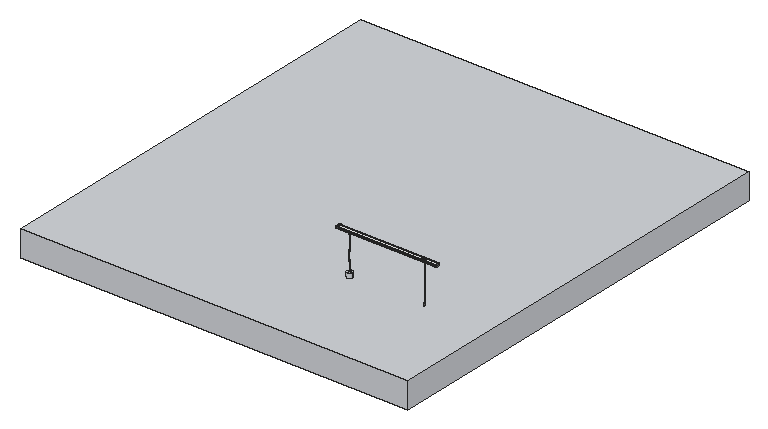
Revit family "ARKOSLIGHT_Divi direct initial", category Luminarias, Revit 2019
Family settings
  Anfitrión = Cara
  Cota de conector redondo = Diámetro de uso
  Tipo de pieza = Normal
  Corte con vacíos al cargar = No
  Origen de luz = No
  Compartido = No
  Punto de cálculo de habitación = No
Parameters (values of type "A5380101NT - DIVI DIRECT INITIAL 3000K NT")
  User cable length [instance] = 500 mm
  URL = "https://www.arkoslight.com/en/products/divi/?child=dividir"
  Modelo = ARKOSLIGHT_Model  # "DIVI"
  Fabricante = "ARKOSLIGHT"  # constant formula
  IES = IES : A5380101NT - DIVI DIRECT INITIAL 3000K NT
  Description = ""
  Cable length [instance] = if(User cable length > 2000 mm, 2000 mm, if(User cable length < 200 mm, 200 mm, User cable length))  # 500 mm
  ARKOSLIGHT_IP = "20"
  ARKOSLIGHT_Series = "DIVI DIRECT MODULE"  # constant formula
  ARKOSLIGHT_Dimming = "No Dim / DALI / Push"
  ARKOSLIGHT_Model = "DIVI"  # constant formula
  ARKOSLIGHT_Reference = "A5380101NT"
  ARKOSLIGHT_Luminous flux = 1650 lm
  ARKOSLIGHT_IES = "A538-01-0-1-NT DIVI DIRECT INITIAL 3000K CRI90.ies"
  ARKOSLIGHT_Color = "Textured black"
  ARKOSLIGHT_Canopy accessories [instance] = ARKOSLIGHT_Surface Remote Feed Kit 48V : A5380011NT - SURFACE REMOTE FEED KIT 48V NT
  ARKOSLIGHT_Cable_Electric_Color = ARKOSLIGHT_Black
  ARKOSLIGHT_Cable_Color = ARKOSLIGHT_Black
  ARKOSLIGHT_Fixture Type = "CUSTOM SYSTEMS"  # constant formula
  ARKOSLIGHT_Efficiency = "51%"
  ARKOSLIGHT_CCT = 3000 K
  ARKOSLIGHT_CRI = "CRI>90"
  ARKOSLIGHT_Body_Secondary_Color = ARKOSLIGHT_Black
  ARKOSLIGHT_Beam Angle = 115.00°
  ARKOSLIGHT_Body_Color = ARKOSLIGHT_Textured black
  Default Elevation = 0 mm
  Carga aparente = ARKOSLIGHT_Apparent Load  # 13.5 VA
  ARKOSLIGHT_Apparent Load = 13.5 VA
Types (2, lengths in mm): name | IES | ARKOSLIGHT_Reference | ARKOSLIGHT_IES | ARKOSLIGHT_Color | ARKOSLIGHT_Canopy accessories | ARKOSLIGHT_Cable_Electric_Color | ARKOSLIGHT_Cable_Color | ARKOSLIGHT_Efficiency | ARKOSLIGHT_Body_Secondary_Color | ARKOSLIGHT_Body_Color
  A5380101NT - DIVI DIRECT INITIAL 3000K NT | IES : A5380101NT - DIVI DIRECT INITIAL 3000K NT | "A5380101NT" | "A538-01-0-1-NT DIVI DIRECT INITIAL 3000K CRI90.ies" | "Textured black" | ARKOSLIGHT_Surface Remote Feed Kit 48V : A5380011NT - SURFACE REMOTE FEED KIT 48V NT | ARKOSLIGHT_Black | ARKOSLIGHT_Black | "51%" | ARKOSLIGHT_Black | ARKOSLIGHT_Textured black
  A5380101WT - DIVI DIRECT INITIAL 3000K WT | IES : A5380101WT - DIVI DIRECT INITIAL 3000K WT | "A5380101WT" | "A538-01-0-1-WT DIVI DIRECT INITIAL 3000K CRI90.ies" | "Textured white" | ARKOSLIGHT_Recessed Canopy : A5380000WT - RECESSED CANOPY WT | ARKOSLIGHT_Steel | ARKOSLIGHT_White | "58%" | ARKOSLIGHT_White | ARKOSLIGHT_Textured white
Reference planes
  plane 1 "Center (Front/Back)": y = 0
  plane 2: z = 0
  plane 3 "Center (Left/Right)": x = 0
  plane 4: x = 600
  plane 5: x = -600
  plane 6 "Bottom": z = 500
  plane 7: z = 467.929
  plane 8 "W": x = 448
  plane 9: x = -448
  plane 10: x = -592.835
  plane 11: x = -599.5
  plane 12: x = -597.55
  plane 13: x = 592.8
  plane 14: x = 597.5
  plane 15: x = 599.5
  plane 16: y = 21.9
  plane 17: y = -21.9
  plane 18: x = -594.47
  plane 19: x = 594.47
  plane 20: z = 17.7
Forms (mm)
  Extrusion 1, solid
    sketch origin (0, 0, 0) x (1, 0, 0) y (0, 1, 0)
      loop
        line (-3414.25, 3876) -> (-3414.25, -1219.2) -> (1219.2, -1219.2) -> (1219.2, 3876) -> (-3414.25, 3876)
    from 0 to -304.8
  Sweep 2, solid, material "ARKOSLIGHT_Black" <- "ARKOSLIGHT_Cable_Electric_Color"
    path origin (402.809, 0, 0) x (1, 0, 0) y (0, 0, 1)
      loop
        spline (-850.809, 467.929) -> (-853.176, 423.151) -> (-849.806, 382.745) -> (-847.387, 355.351) -> (-849.616, 322.272) -> (-855.601, 280.078) -> (-861.892, 237.535) -> (-862.872, 200.523) -> (-856.682, 170.222) -> (-853.378, 137.064) -> (-852.302, 99.062) -> (-845.622, 64.428) -> (-850.809, 17.7)
    profile origin (-459.083, 0, 237.535) x (0.993472, 0, -0.114076) y (0, -1, 0)
      loop
        circle (0, 0) r 1.4
  Revolve 3, solid, material "ARKOSLIGHT_Textured black" <- "ARKOSLIGHT_Body_Color"
    sketch origin (-249.517, 0, 1966) x (1, 0, 0) y (0, 0, -1)
      loop
        line (698.717, 1940.969) -> (702.427, 1940.969) -> (702.427, 1966) -> (697.517, 1966) -> (697.517, 1936.471) -> (698.717, 1936.471) -> (698.717, 1940.969)
      axis (697.517, 1936.471) -> (697.517, 1966)
    angle from 0 to 360
  Revolve 4, solid, material "ARKOSLIGHT_Textured black" <- "ARKOSLIGHT_Body_Color"
    sketch origin (-1126.217, 0, 1966) x (1, 0, 0) y (0, 0, -1)
      loop
        line (678.217, 1496.269) -> (681.935, 1496.269) -> (681.935, 1497.937) -> (683.207, 1497.937) -> (683.207, 1510.49) -> (678.217, 1510.49) -> (678.217, 1496.269)
      axis (678.217, 1496.269) -> (678.217, 1510.49)
    angle from 0 to 360
  Extrusion 5, solid, material "ARKOSLIGHT_Textured black" <- "ARKOSLIGHT_Body_Color"
    sketch origin (-600, -221.408, 1219.2) x (0, -1, 0) y (0, 0, -1)
      loop
        line (-199.508, 719.2) -> (-199.508, 729.371)
        arc (-199.508, 729.371) -> (-221.408, 751.271) -> (-243.308, 729.371) r 21.9
        line (-243.308, 729.371) -> (-243.308, 719.2) -> (-241.808, 719.2) -> (-241.808, 729.371)
        arc (-241.808, 729.371) -> (-221.408, 749.771) -> (-201.008, 729.371) r 20.4
        line (-201.008, 729.371) -> (-201.008, 719.2) -> (-199.508, 719.2)
    from 0 to 1200
  Extrusion 6, solid, material "ARKOSLIGHT_Black" <- "ARKOSLIGHT_Body_Secondary_Color"
    sketch origin (-599.5, -221.408, 1219.2) x (0, -1, 0) y (0, 0, -1)
      loop
        line (-201.308, 719.2) -> (-201.308, 729.371)
        arc (-201.308, 729.371) -> (-221.408, 749.471) -> (-241.508, 729.371) r 20.1
        line (-241.508, 729.371) -> (-241.508, 719.2) -> (-201.308, 719.2)
    from 0 to 1.95
  Extrusion 7, solid, material "ARKOSLIGHT_Black" <- "ARKOSLIGHT_Body_Secondary_Color"
    sketch origin (-599.5, -221.408, 1219.2) x (0, -1, 0) y (0, 0, -1)
      loop
        line (-201.318, 719.2) -> (-201.318, 720.552) -> (-241.497, 720.552) -> (-241.497, 719.2) -> (-201.318, 719.2)
    from 0 to 6.665
  Extrusion 8, solid, material "ARKOSLIGHT_Black" <- "ARKOSLIGHT_Body_Secondary_Color"
    sketch origin (599.5, -221.408, 1219.2) x (0, -1, 0) y (0, 0, 1)
      loop
        line (-201.308, -719.2) -> (-241.508, -719.2) -> (-241.508, -729.371)
        arc (-241.508, -729.371) -> (-221.408, -749.471) -> (-201.308, -729.371) r 20.1
        line (-201.308, -729.371) -> (-201.308, -719.2)
    from 0 to 2
  Extrusion 9, solid, material "ARKOSLIGHT_Black" <- "ARKOSLIGHT_Body_Secondary_Color"
    sketch origin (599.5, -221.408, 1219.2) x (0, -1, 0) y (0, 0, 1)
      loop
        line (-201.318, -719.2) -> (-241.497, -719.2) -> (-241.497, -720.552) -> (-201.318, -720.552) -> (-201.318, -719.2)
    from 0 to 6.7
  Extrusion 10, solid, material "ARKOSLIGHT_Light"
    sketch origin (-594.47, -221.408, 1219.2) x (0, -1, 0) y (0, 0, -1)
      loop
        line (-241.497, 720.787) -> (-201.012, 720.787) -> (-201.012, 722.287) -> (-241.497, 722.287) -> (-241.497, 720.787)
    from 0 to 1188.94
  Revolve 11, void
    sketch origin (0, 0, 0) x (1, 0, 0) y (0, 0, 1)
      loop
        line (448, 496.913) -> (460.4, 496.913) -> (460.394, 498.413) -> (448, 498.413) -> (448, 496.913)
      axis (448, 496.913) -> (448, 498.413)
    angle from 0 to 360
  Revolve 12, solid, material "ARKOSLIGHT_White"
    sketch origin (0, 0, 0) x (1, 0, 0) y (0, 0, 1)
      loop
        line (448, 493.02) -> (448, 484.52) -> (461.53, 484.52) -> (461.53, 496.97) -> (458.537, 496.97) -> (458.537, 498.47) -> (457.589, 498.47) -> (457.589, 486.97) -> (453.978, 486.97) -> (453.978, 493.02) -> (448, 493.02)
      axis (448, 484.52) -> (448, 498.47)
    angle from 0 to 360
  Extrusion 13, solid, material "ARKOSLIGHT_Black" <- "ARKOSLIGHT_Cable_Color"
    sketch origin (0, 0, 0) x (1, 0, 0) y (0, 1, 0)
      loop
        circle (448, 0) r 0.3
    from 29.529 to 467.929
Cuts and joins
  joined: Extrusion 6, Extrusion 7
  Revolve 11 cuts Extrusion 10
  joined: Extrusion 8, Extrusion 9
Lines and regions (mm)
  symbolic lines, style "LightingFixturesHiddenLines"
    curve 1: line (435.631, 0, 500) -> (460.322, 0, 500)
    curve 2: line (448, -12.369, 500) -> (448, 12.316, 500)
Dimensions and locks
  locked: plane 5 to plane 4 at 1200
  "Cable length": plane 6 "Bottom" to plane 2
  equal spacing: plane 5, plane 3 "Center (Left/Right)", plane 4
  locked: plane 6 "Bottom" to plane 7 at 32.071
  locked: plane 5 to plane 11 at 0.5
  locked: plane 5 to plane 12 at 2.45
  locked: plane 5 to plane 10 at 7.165
  locked: plane 15 to plane 4 at 0.5
  locked: plane 14 to plane 4 at 2.5
  locked: plane 13 to plane 4 at 7.2
  locked: Revolve 3 sketch curve to plane 2 at 25.031
  locked: Revolve 3 sketch curve to plane 2 at 29.529
  locked: plane 8 "W" to Revolve 3 sketch curve at 1.2
  locked: plane 8 "W" to Revolve 3 sketch curve at 4.91
  equal spacing: plane 17, plane 1 "Center (Front/Back)", plane 16
  locked: plane 16 to plane 17 at 43.8
  locked: plane 17 to Extrusion 5 sketch curve at 1.5
  locked: Extrusion 5 sketch curve to plane 16 at 1.5
  locked: Extrusion 6 sketch curve to plane 16 at 1.8
  locked: plane 17 to Extrusion 6 sketch curve at 1.8
  locked: Extrusion 7 sketch curve to plane 17 at 1.81
  locked: plane 16 to Extrusion 7 sketch curve at 1.81
  locked: plane 6 "Bottom" to Extrusion 7 sketch curve at 1.352
  locked: plane 6 "Bottom" to Extrusion 9 sketch curve at 1.352
  locked: plane 16 to Extrusion 9 sketch curve at 1.81
  locked: Extrusion 9 sketch curve to plane 17 at 1.81
  locked: plane 16 to Extrusion 8 sketch curve at 1.8
  locked: Extrusion 8 sketch curve to plane 17 at 1.8
  locked: Extrusion 10 sketch curve to plane 17 at 1.505
  locked: plane 16 to Extrusion 10 sketch curve at 1.81
  locked: plane 6 "Bottom" to Extrusion 10 sketch curve at 1.587
  locked: plane 6 "Bottom" to Extrusion 10 sketch curve at 3.087
  locked: plane 5 to plane 18 at 5.53
  locked: plane 19 to plane 4 at 5.53
  locked: Extrusion 13 to plane 2 at 29.529
  locked: Revolve 4 sketch curve to plane 7 at 1.801
  locked: Revolve 4 sketch curve to Revolve 4 sketch curve at 4.99
  locked: Revolve 4 sketch curve to Revolve 4 sketch curve at 3.718
  locked: plane 7 to Revolve 4 sketch curve at 12.419
  locked: plane 20 to plane 2 at 17.7
  locked: plane 9 to plane 8 "W" at 896
  equal spacing: plane 9, plane 3 "Center (Left/Right)", plane 8 "W"
  aligned and locked: plane 2 to Extrusion 1
  aligned and locked: level to Extrusion 1
  aligned and locked: plane 7 to Sweep 2 sketch curve
  aligned and locked: plane 8 "W" to Revolve 3 sketch curve
  aligned and locked: Revolve 3 sketch curve to plane 8 "W"
  aligned and locked: Revolve 4 sketch curve to Revolve 4 sketch curve
  aligned and locked: plane 17 to Extrusion 5 sketch curve
  aligned and locked: Extrusion 5 sketch curve to plane 16
  aligned and locked: Extrusion 5 sketch curve to plane 6 "Bottom"  (x2)
  aligned and locked: Extrusion 5 to plane 4
  aligned and locked: Extrusion 5 to plane 5
  aligned and locked: Extrusion 6 sketch curve to plane 6 "Bottom"
  aligned and locked: plane 12 to Extrusion 6
  aligned and locked: plane 6 "Bottom" to Extrusion 7 sketch curve
  aligned and locked: plane 10 to Extrusion 7
  aligned and locked: plane 13 to Extrusion 9
  aligned and locked: plane 6 "Bottom" to Extrusion 9 sketch curve
  aligned and locked: plane 14 to Extrusion 8
  aligned and locked: plane 6 "Bottom" to Extrusion 8 sketch curve
  aligned and locked: Extrusion 10 to plane 19
  aligned and locked: Revolve 11 sketch curve to plane 8 "W"  (x2)
  aligned and locked: plane 1 "Center (Front/Back)" to Extrusion 13 sketch curve
  aligned and locked: plane 7 to Extrusion 13
  aligned and locked: plane 9 to Sweep 2 sketch curve
  aligned and locked: plane 20 to Sweep 2 sketch curve
  aligned and locked: Revolve 4 sketch curve to plane 9
  aligned and locked: plane 1 "Center (Front/Back)" to curve 1
  aligned and locked: curve 2 to plane 8 "W"
  aligned and locked: plane 9 to nested 2
  aligned and locked: plane 1 "Center (Front/Back)" to nested 2
Automatic sketch dimensions
  Extrusion 1 sketch curve to Extrusion 1 sketch curve = 4633.45 mm
  Extrusion 1 sketch curve to Extrusion 1 sketch curve = 5095.2 mm
  Sweep 2 sketch curve to plane 1 "Center (Front/Back)" = 0 mm
  Sweep 2 sketch curve to profile plane = 0 mm
  Revolve 3 sketch curve to level = 0 mm
  Revolve 3 sketch curve to plane 6 "Bottom" = 270.8 mm
  level to Revolve 3 sketch curve = 1448.333 mm
  Revolve 4 sketch curve to plane 7 = 0.134 mm
  Revolve 4 sketch curve to plane 6 "Bottom" = 270.8 mm
  level to Revolve 4 sketch curve = 1448.333 mm
  Extrusion 5 sketch curve to Extrusion 5 sketch curve = 0 mm
  Extrusion 5 sketch curve to Extrusion 5 sketch curve = 10.171 mm
  Extrusion 6 sketch curve to Extrusion 6 sketch curve = 10.171 mm
  Extrusion 8 sketch curve to Extrusion 8 sketch curve = 10.171 mm
  Extrusion 13 sketch curve to plane 8 "W" = 0 mm
  curve 1 to plane 8 "W" = 12.322 mm
  plane 8 "W" to curve 1 = 12.369 mm
  curve 2 to plane 16 = 9.584 mm
  curve 2 to plane 17 = 9.531 mm
  Revolve 11 sketch curve to plane 6 "Bottom" = 1.587 mm
  Revolve 11 sketch curve to plane 8 "W" = 12.394 mm
  Revolve 11 sketch curve to plane 6 "Bottom" = 3.087 mm
  Revolve 11 sketch curve to Revolve 11 sketch curve = 0.006 mm
  Revolve 11 sketch curve to level = 304.8 mm
  plane 6 "Bottom" to Revolve 11 sketch curve = 2225.9 mm
  plane 8 "W" to Revolve 12 sketch curve = 0 mm  (x2)
  Revolve 12 sketch curve to plane 8 "W" = 5.978 mm
  Revolve 12 sketch curve to Revolve 12 sketch curve = 3.611 mm
  Revolve 12 sketch curve to Revolve 12 sketch curve = 0.948 mm
  Revolve 12 sketch curve to Revolve 12 sketch curve = 3.941 mm
  Revolve 12 sketch curve to plane 6 "Bottom" = 15.48 mm
  Revolve 12 sketch curve to Revolve 12 sketch curve = 2.45 mm
  Revolve 12 sketch curve to plane 6 "Bottom" = 6.98 mm
  Revolve 12 sketch curve to plane 6 "Bottom" = 3.03 mm
  Revolve 12 sketch curve to plane 6 "Bottom" = 1.53 mm
  Revolve 12 sketch curve to level = 304.8 mm
  plane 6 "Bottom" to Revolve 12 sketch curve = 2225.9 mm
  radius of Sweep 2 sketch curve = 1.4 mm
  radius of Extrusion 13 sketch curve = 0.3 mm
Nested families
  nested 1: "IES" at (0, -0.016, 500) x (-1, 0, 0) z (0, 0, 1), type <- "IES", type "A5380101NT - DIVI DIRECT INITIAL 3000K NT"
  nested 2: "ARKOSLIGHT_Surface Remote Feed Kit 48V" at (-448, 0, 0), type <- "ARKOSLIGHT_Canopy accessories", type "A5380011NT - SURFACE REMOTE FEED KIT 48V NT"
Connectors
  electrical at (0, 0, 0), driven by "Carga aparente"
    settings: on Extrusion 1, index 1, voltage 230 V, apparent load 0 VA, apparent load phase1 13.5 VA, apparent load phase2 0 VA, apparent load phase3 0 VA, power factor 1, load classification "Lighting", number of poles 1, system type 31, power factor state 1, is connector primary yes, connector utility no, sub classification motor no, connector description ""
Definition of nested family "ARKOSLIGHT_Surface Remote Feed Kit 48V"
  Parameters (values of type "A5380011NT - SURFACE REMOTE FEED KIT 48V NT")
    URL = ""
    Model = ARKOSLIGHT_Model  # "DIVI SURFACE"
    Manufacturer = "ARKOSLIGHT"  # constant formula
    Description = ""
    Apparent Load = 0 VA
    ARKOSLIGHT_Series = "DIVI SURFACE REMOTE FEED KIT 48V"  # constant formula
    ARKOSLIGHT_Model = "DIVI SURFACE"  # constant formula
    ARKOSLIGHT_Reference = "A5380011NT"
    ARKOSLIGHT_Color = "Textured black"
    ARKOSLIGHT_Fixture Type = "SURFACE"  # constant formula
    ARKOSLIGHT_Body_Color = none
    Default Elevation = 0 mm
  Types (2, lengths in mm): name | ARKOSLIGHT_Reference | ARKOSLIGHT_Color
    A5380011WT - SURFACE REMOTE FEED KIT 48V WT | "A5380011WT" | "Textured white"
    A5380011NT - SURFACE REMOTE FEED KIT 48V NT | "A5380011NT" | "Textured black"
  Reference planes
    plane 1 "Center (Front/Back)": y = 0
    plane 2: z = 0
    plane 3 "Center (Left/Right)": x = 0
    plane 4 "Top": z = 43
  Forms (mm)
    Extrusion 1, solid
      sketch origin (0, 0, 0) x (1, 0, 0) y (0, 1, 0)
        loop
          line (-3414.25, 3876) -> (-3414.25, -1219.2) -> (1219.2, -1219.2) -> (1219.2, 3876) -> (-3414.25, 3876)
      from 0 to -304.8
    Extrusion 2, solid, material <- "ARKOSLIGHT_Body_Color"
      sketch origin (831.609, 0, 0) x (1, 0, 0) y (0, 1, 0)
        loop
          circle (-831.609, 0) r 32.5
      from 0 to 43
    Extrusion 3, solid, material <- "ARKOSLIGHT_Body_Color"
      sketch origin (831.609, 0, 43) x (1, 0, 0) y (0, 1, 0)
        loop
          circle (-831.609, 0) r 6
      from 0 to 12
  Cuts and joins
    joined: Extrusion 2, Extrusion 3
  Dimensions and locks
    locked: plane 4 "Top" to plane 2 at 43
    locked: cut or joined group of Extrusion 2, Extrusion 3 to plane 4 "Top" at 12
    aligned and locked: plane 2 to Extrusion 1
    aligned and locked: level to Extrusion 1
    aligned and locked: Extrusion 2 to plane 2
    aligned and locked: Extrusion 3 to Extrusion 2
    aligned and locked: plane 4 "Top" to cut or joined group of Extrusion 2, Extrusion 3
Definition of nested family "IES"
  Parameters (values of type "A5380131WT - DIVI DIRECT END 3000K WT")
    Wattage = 9.2903 W
    built-in parameter 1150110 = 1 (stored number, unit not read)
    URL = "https://www.arkoslight.com/en/products/divi/?child=dividir"
    built-in parameter 1114217 = 1 (stored number, unit not read)
    built-in parameter 1150109 = 1 (stored number, unit not read)
    built-in parameter 1150134 = 3
    built-in parameter 1150113 = 1 (stored number, unit not read)
    Model = ARKOSLIGHT_Model  # "DIVI"
    Manufacturer = "ARKOSLIGHT"  # constant formula
    built-in parameter 1150105 = 439.27 (stored number, unit not read)
    Lumens = 1380 lm
    built-in parameter 1150115 = 1 (stored number, unit not read)
    Light Source Symbol Size = 50 mm  # constant formula
    built-in parameter 1150137 = (empty or 0)
    built-in parameter 1150139 = (empty or 0)
    built-in parameter 1150112 = 1 (stored number, unit not read)
    built-in parameter 1150114 = 1 (stored number, unit not read)
    built-in parameter 1150132 = (empty or 0)
    built-in parameter 1150102 = (empty or 0)
    built-in parameter 1150107 = 3000 (stored number, unit not read)
    built-in parameter 1150138 = (empty or 0)
    built-in parameter 1150106 = 4.3927 (stored number, unit not read)
    Emit from Rectangle Width = 40.2 mm  # constant formula
    Emit from Rectangle Length = 1185.6 mm  # constant formula
    Emit Shape Visible in Rendering = no
    built-in parameter 1150104 = 13.8 (stored number, unit not read)
    Dimming Lamp Color Temperature Shift = (empty or 0)
    Description = ""
    Color Filter = 16777215
    built-in parameter 1114218 = 1 (stored number, unit not read)
    built-in parameter 1150133 = 10 (stored number, unit not read)
    ARKOSLIGHT_IP = "20"
    ARKOSLIGHT_Series = "DIVI DIRECT MODULE"  # constant formula
    ARKOSLIGHT_Dimming = "No Dim / DALI / Push"
    ARKOSLIGHT_Model = "DIVI"  # constant formula
    ARKOSLIGHT_Reference = "A5380131WT"
    ARKOSLIGHT_Luminous flux = 1650 lm
    ARKOSLIGHT_IES = "A538-01-3-1-WT DIVI DIRECT END 3000K CRI90.ies"
    ARKOSLIGHT_Fixture Type = "CUSTOM SYSTEMS"  # constant formula
    ARKOSLIGHT_Efficiency = "58%"
    ARKOSLIGHT_CCT = 3000 K
    ARKOSLIGHT_CRI = "CRI>90"
    ARKOSLIGHT_Beam Angle = 115.00°
    Default Elevation = 0 mm
    Apparent Load = ARKOSLIGHT_Apparent Load  # 13.5 VA
    ARKOSLIGHT_Apparent Load = 13.5 VA
  Types (8, lengths in mm): name | ARKOSLIGHT_Reference | ARKOSLIGHT_IES | ARKOSLIGHT_Efficiency
    A5380101NT - DIVI DIRECT INITIAL 3000K NT | "A5380101NT" | "A538-01-0-1-NT DIVI DIRECT INITIAL 3000K CRI90.ies" | "51%"
    A5380101WT - DIVI DIRECT INITIAL 3000K WT | "A5380101WT" | "A538-01-0-1-WT DIVI DIRECT INITIAL 3000K CRI90.ies" | "58%"
    A5380111NT - DIVI DIRECT INITIAL & END 3000K NT | "A5380111NT" | "A538-01-1-1-NT DIVI DIRECT INITIAL - END 3000K CRI90.ies" | "51%"
    A5380111WT - DIVI DIRECT INITIAL & END 3000K WT | "A5380111WT" | "A538-01-1-1-WT DIVI DIRECT INITIAL - END 3000K CRI90.ies" | "58%"
    A5380121NT - DIVI DIRECT MIDDLE 3000K NT | "A5380121NT" | "A538-01-2-1-NT DIVI DIRECT MIDDLE 3000K CRI90.ies" | "51%"
    A5380121WT - DIVI DIRECT MIDDLE 3000K WT | "A5380121WT" | "A538-01-2-1-WT DIVI DIRECT MIDDLE 3000K CRI90.ies" | "58%"
    A5380131NT - DIVI DIRECT END 3000K NT | "A5380131NT" | "A538-01-3-1-NT DIVI DIRECT END 3000K CRI90.ies" | "51%"
    A5380131WT - DIVI DIRECT END 3000K WT | "A5380131WT" | "A538-01-3-1-WT DIVI DIRECT END 3000K CRI90.ies" | "58%"
  Reference planes
    plane 1 "Center (Front/Back)": y = 0
    plane 2: z = 0
    plane 3 "Center (Left/Right)": x = 0
    plane 4: x = 600
    plane 5: x = -600
    plane 6: x = -592.835
    plane 7: x = 592.8
    plane 8: y = 21.9
    plane 9: y = -21.9
    plane 10: y = 20.1
    plane 11: y = -20.1
  Forms (mm)
    Extrusion 1, solid
      sketch origin (0, 0, 0) x (1, 0, 0) y (0, 1, 0)
        loop
          line (-3414.25, 3876) -> (-3414.25, -1219.2) -> (1219.2, -1219.2) -> (1219.2, 3876) -> (-3414.25, 3876)
      from 0 to -304.8
  Dimensions and locks
    locked: plane 5 to plane 4 at 1200
    equal spacing: plane 5, plane 3 "Center (Left/Right)", plane 4
    locked: plane 5 to plane 6 at 7.165
    locked: plane 7 to plane 4 at 7.2
    equal spacing: plane 9, plane 1 "Center (Front/Back)", plane 8
    locked: plane 8 to plane 9 at 43.8
    locked: plane 8 to plane 10 at 1.8
    locked: plane 9 to plane 11 at 1.8
    plane 11 to plane 10 = 40.2 mm
    aligned and locked: plane 2 to Extrusion 1
    aligned and locked: level to Extrusion 1
  Automatic sketch dimensions
    Extrusion 1 sketch curve to Extrusion 1 sketch curve = 4633.45 mm
    Extrusion 1 sketch curve to Extrusion 1 sketch curve = 5095.2 mm
